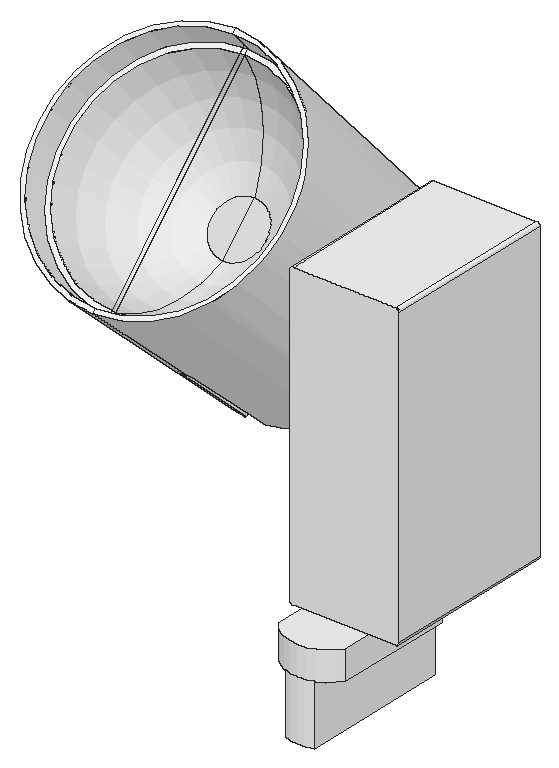
Revit family "0004868 Feilo Sylvania Lighting Fixture START TRACK SPOT L 55W 3K RA90 NB WHITE", category Lighting Fixtures, host Face, Revit 2017
Family settings
  Host = Face
  Round Connector Dimension = Use Diameter
  Part Type = Normal
  OmniClass Number = 23.80.70.00
  OmniClass Title = Lighting
  Cut with Voids When Loaded = No
  Light Source = No
  Shared = No
  Room Calculation Point = No
Parameters (values of type "0004868 START TRACK SPOT L 55W 3K RA90 NB WHITE")
  Weight = "1.398 kg"
  Wattage Comments = ""
  WarrantyStartDate [instance] = "n/a"
  WarrantyGuarantorParts = "n/a"
  WarrantyDurationUnit = "n/a"
  WarrantyDurationParts = "n/a"
  WarrantyDescription = "n/a"
  Voltage = 230 V
  URL = "http://www.sylvania-lighting.com"
  TypeName = "START TRACK SPOT L 55W 3K RA90 NB WHITE"
  TypeHead_FEILO = Start Track Spot Head : 0004868 START TRACK SPOT L 55W 3K RA90 NB WHITE
  TypeBox_FEILO = Start Track Spot Box : Type Large White
  Type Image = <None>
  Type Comments = "n/a"
  VerticalRotation_FEILO [instance] = 0.00°
  SlideEndAngle_FEILO [instance] = VerticalRotation_FEILO + 180.00°  # 180.00°
  SerialNumber [instance] = "n/a"
  Material_3_FEILO = none
  PowerFactor = 0.96
  PowerConsumption = "55 W"
  NominalLength = 0 mm
  NominalHeight = 240 mm
  NominalDepth = 164 mm
  Name = "START TRACK SPOT L 55W 3K RA90 NB WHITE"
  ModelReference = Name  # "START TRACK SPOT L 55W 3K RA90 NB WHITE"
  ModelNumber = "0004868"
  Model = Name  # "START TRACK SPOT L 55W 3K RA90 NB WHITE"
  Material = "adc12 aluminium housing, polycarbonate diffuser"
  ManufacturerName = "Feilo Sylvania"
  Manufacturer = "Feilo Sylvania"
  LuminousEfficacy = "80 lm/W"
  LuminaireType = ""
  LightOutputRatio = "100"
  LampsType = Lamp  # "LED"
  LampNominalLuminous = "4416 lm"
  LampMacAdamStep = "3"
  LampColourTemperature = "3000 K"
  LampColourRenderingIndex = "90"
  Lamp = "LED"
  Keynote = "16500"
  InstallationDate [instance] = "n/a"
  InputVoltage = "230-240V~"
  InputNominalFrequency = "50/60 Hz"
  IngressProtection = "IP20"
  ImpactProtectionIndex = "IK02"
  IfcExportType = "IfcLightFixtureType"
  IfcExportAs = "IfcLightFixtureType"
  HorizontalRotation_FEILO [instance] = 45.00°
  ExpectedLife = 50000
  ElectricShockClassification = "Class II"
  DurationUnit = "hours"
  DocumentationLiterature = "http://www.sylvania-lighting.com/product/en-int/products/0004868"
  DimmingControlOptions = "Non dimmable"
  Material_2_FEILO = none
  Description = "Integrated LED spotlight, Textured White - RAL9016, compact and minimalist design, ideal for retail applications, die-cast aluminium body, passive cooling heatsink. Beam angle: 15°, color temperature: 3000K , total system power: 55W, total fixture output: 4416 lm, LOR: 100%, colour rendering: Ra: 90 typical, LED Chromaticity: 3 step MacAdam ellipse, lifetime: >50000 hours at L70B50, energy class: A++, A+, A, IR/UV free light source without heat radiation, operating voltage: 220-240V / 50-60Hz, drive current: 1400mA, electronic driver, non-dimmable, power factor: 0.96, electrical protection: Class II, Global Track 3 Phase adapter suitable for Global trac 3-circuit tracks, ingress protection rating: IP20, suitable for internal environment only, horizontal rotation: 355°, vertical tilt: 90°, dimensions: Ø113x164x240, weight: 1.398kg."
  Default Elevation = 1219.2 mm
  CreatedOn = "12/12/2017"
  CreatedBy = ""
  Cost = 0
  built-in parameter 1114216 [instance] = (empty or 0)
  ClassificationValue = "EF_70_80"
  ClassificationName = "Uniclass2015"
  Material_1_FEILO = Body-Sylvania-StartTrackSpot-White
  BarCode [instance] = "n/a"
  AssetType = "Fixed"
  AssetIdentifier [instance] = "n/a"
  Assembly Code = "D5020200"
  Apparent Load = 55 VA
  Material_4_FEILO = none
Reference planes
  plane 1 "Center (Front/Back)": y = 0
  plane 2: z = 0
  plane 3 "Center (Left/Right)": x = 0
  plane 4: x = 15
  plane 5: x = -15
  plane 6: y = 35
  plane 7: y = -35
  plane 8: z = 13
  plane 9: z = -27
  plane 10: x = 6.5
  plane 11: x = -6.5
  plane 12: y = 27
  plane 13: y = -27
  plane 14: y = 20
Forms (mm)
  Extrusion 1, solid, material "Body-Sylvania-StartTrackSpot-White" <- "Material_1_FEILO"
    sketch origin (0, 0, 0) x (1, 0, 0) y (0, 1, 0)
      loop
        line (-15, 27) -> (-15, -27)
        arc (-15, -27) -> (0, -35) -> (15, -27) r 18.062
        line (15, -27) -> (15, 27)
        arc (15, 27) -> (0, 35) -> (-15, 27) r 18.062
    from 0 to 13
  Extrusion 2, solid, material "Body-Sylvania-StartTrackSpot-White" <- "Material_1_FEILO"
    sketch origin (0, 0, 0) x (1, 0, 0) y (0, 1, 0)
      loop
        arc (6.5, 33.79) -> (0, 35) -> (-6.5, 33.79) r 18.062
        line (-6.5, 33.79) -> (-6.5, -33.79)
        arc (-6.5, -33.79) -> (0, -35) -> (6.5, -33.79) r 18.062
        line (6.5, -33.79) -> (6.5, 33.79)
    from 0 to -27
  Revolve 3, solid, not visible
    sketch origin (1524, 20, 1219.2) x (1, 0, 0) y (0, 0, 1)
      loop
        line (-1524, -1206.2) -> (-1524, -1191.285) -> (-1530.5, -1191.285) -> (-1530.5, -1206.2) -> (-1524, -1206.2)
      axis (-1524, -1191.285) -> (-1524, -1206.2)
    angle from 0 <- "VerticalRotation_FEILO" to 180 <- "SlideEndAngle_FEILO"
Cuts and joins
  joined: Extrusion 1, Extrusion 2
Dimensions and locks
  equal spacing: plane 10, plane 3 "Center (Left/Right)", plane 11
  equal spacing: plane 4, plane 3 "Center (Left/Right)", plane 5
  locked: plane 8 to plane 2 at 13
  locked: plane 8 to plane 9 at 40
  equal spacing: plane 13, plane 1 "Center (Front/Back)", plane 12
  locked: plane 12 to plane 6 at 8
  locked: plane 14 to plane 6 at 15
  locked: Revolve 3 sketch curve to plane 8 at 14.915
  aligned and locked: plane 2 to host face
  aligned and locked: level to host face
  aligned and locked: plane 5 to Extrusion 1 sketch curve  (x2)
  aligned and locked: plane 12 to Extrusion 1 sketch curve
  aligned and locked: plane 13 to Extrusion 1 sketch curve
  aligned and locked: plane 4 to Extrusion 1 sketch curve
  aligned and locked: Extrusion 1 to plane 8
  aligned and locked: Extrusion 1 to level
  aligned and locked: Extrusion 2 sketch curve to Extrusion 1  (x2)
  aligned and locked: Extrusion 2 sketch curve to plane 11
  aligned and locked: plane 10 to Extrusion 2 sketch curve
  aligned and locked: plane 9 to Extrusion 2
  aligned and locked: level to Extrusion 2
  aligned and locked: Revolve 3 sketch curve to plane 3 "Center (Left/Right)"  (x2)
  aligned and locked: plane 11 to Revolve 3 sketch curve
  aligned and locked: Revolve 3 sketch curve to plane 8
Automatic sketch dimensions
  host sketch curve to host sketch curve = 2438.4 mm  (x2)
  Extrusion 1 sketch curve to plane 3 "Center (Left/Right)" = 0 mm  (x2)
  Extrusion 1 sketch curve to plane 13 = 10.062 mm
  plane 12 to Extrusion 1 sketch curve = 10.062 mm
  Revolve 3 sketch curve to plane 3 "Center (Left/Right)" = 0 mm
  plane 9 to Revolve 3 sketch curve = 582.6 mm
  Revolve 3 sketch curve to Revolve 3 sketch curve = 2581.144 mm
Nested families
  nested 1: "Start Track Spot Head" at (-75.5, 20, 133) x (0, 0.7071, 0.7071) z (0, 0.7071, -0.7071), type <- "TypeHead_FEILO", type "0004868 START TRACK SPOT L 55W 3K RA90 NB WHITE"
    with built-in parameter 1114216 (empty or 0)
  nested 2: "Start Track Spot Box" at (8.5, 20, 85) x (-1, 0, 0) z (0, -1, 0), BoxStartAngle_FEILO <- "HorizontalRotation_FEILO", type <- "TypeBox_FEILO", type "Type Large White"
    with BoxStartAngle_FEILO 45.00°, BoxEndAngle_FEILO -135.00°
Connectors
  electrical at (0, 0, 0), driven by "Apparent Load", driven by "PowerFactor", driven by "Voltage"
    settings: index 1, voltage 230 V, apparent load 55 VA, apparent load phase1 0 VA, apparent load phase2 0 VA, apparent load phase3 0 VA, power factor 0.96, load classification "Lighting", number of poles 1, system type 30, power factor state 1, is connector primary yes, connector utility no, sub classification motor no, connector description ""
Definition of nested family "Start Track Spot Head"
  Parameters (values of type "0004811 START TRACK SPOT S 14W 3K RA80 NB WHITE")
    Wattage Comments = "n/a"
    Wattage = 14 W
    built-in parameter 1150110 = 1 (stored number, unit not read)
    URL = "http://www.feilosylvania.com"
    Type Image = (empty or 0)
    Type Comments = "n/a"
    built-in parameter 1114217 = 1 (stored number, unit not read)
    Tilt Angle = -90.00°
    built-in parameter 1150109 = 1 (stored number, unit not read)
    built-in parameter 1150134 = (empty or 0)
    built-in parameter 1150113 = 1 (stored number, unit not read)
    Photometric Web File = "0004811.ies"
    Material_3_FEILO = none
    Model = "START TRACK SPOT S 14W 3K RA80 NB WHITE"
    Manufacturer = "Feilo Sylvania"
    built-in parameter 1150105 = 123.66 (stored number, unit not read)
    Lumens = 1554 lm
    built-in parameter 1150115 = 1 (stored number, unit not read)
    built-in parameter 1150137 = (empty or 0)
    built-in parameter 1150139 = (empty or 0)
    built-in parameter 1150112 = 1 (stored number, unit not read)
    built-in parameter 1150114 = 1 (stored number, unit not read)
    Lamp = "LED"
    Keynote = "16500"
    Material_2_FEILO = none
    built-in parameter 1150132 = (empty or 0)
    built-in parameter 1150102 = (empty or 0)
    built-in parameter 1150107 = 3000 (stored number, unit not read)
    built-in parameter 1150138 = (empty or 0)
    built-in parameter 1150106 = 1.2366 (stored number, unit not read)
    HeadThickness_FEILO = if(HeadDiaOut_FEILO > 112 mm, 2 mm, 1.5 mm)  # 1.5 mm
    HeadRibOffset_FEILO = HeadHeight_FEILO / 28  # 4.179 mm
    HeadRibDepth_FEILO = HeadHeight_FEILO / 2.1  # 55.714 mm
    HeadRibCutWidth_FEILO = HeadDiaOut_FEILO / 12  # 7.167 mm
    HeadRibCutOffset_FEILO = HeadHeight_FEILO / 2.3  # 50.87 mm
    HeadReflectorRadius_FEILO = HeadDiaOut_FEILO / 1.7  # 50.588 mm
    HeadReflectorOffset_FEILO = HeadHeight_FEILO / 2.1  # 55.714 mm
    HeadLEDRadius_FEILO = HeadDiaOut_FEILO / 9  # 9.556 mm
    HeadHeight_FEILO = 117 mm
    HeadDraft_FEILO = 1 mm
    HeadDiffusorThickness_FEILO = 3 mm
    HeadDiffusorOffset_FEILO = HeadHeight_FEILO / 12.4  # 9.435 mm
    HeadDiaOut_FEILO = 86 mm
    HeadDiaIn_FEILO = HeadDiaOut_FEILO / 1.11  # 77.477 mm
    HeadAxisFromTop_FEILO = HeadHeight_FEILO / 1.687  # 69.354 mm
    Emit from Circle Diameter = HeadDiaIn_FEILO  # 77.477 mm
    Emit Shape Visible in Rendering = no
    built-in parameter 1150104 = 10.312 (stored number, unit not read)
    Dimming Lamp Color Temperature Shift = (empty or 0)
    Description = "Integrated LED spotlight, Textured White - RAL9016, compact and minimalist design, ideal for retail applications, die-cast aluminium body, passive cooling heatsink. Beam angle: 12°, color temperature: 3000K , total system power: 14W, total fixture output: 1551 lm, LOR: 100%, colour rendering: Ra: 80 typical, LED Chromaticity: 3 step MacAdam ellipse, lifetime: >50000 hours at L70B50, energy class: A++, A+, A, IR/UV free light source without heat radiation, operating voltage: 220-240V / 50-60Hz, drive current: 350mA, electronic driver, non-dimmable, power factor: 0.92, electrical protection: Class II, Global Track 3 Phase adapter suitable for Global trac 3-circuit tracks, ingress protection rating: IP20, suitable for internal environment only, horizontal rotation: 355°, vertical tilt: 90°, dimensions: Ø86x140x200, weight: 0.940kg."
    Default Elevation = 1219.2 mm
    Cost = 0
    Color Filter = 16777215
    built-in parameter 1114216 [instance] = (empty or 0)
    Material_1_FEILO = none
    built-in parameter 1114218 = 1 (stored number, unit not read)
    built-in parameter 1150133 = 10 (stored number, unit not read)
    Assembly Code = "D5020200"
    Apparent Load = 14 VA
    Material_4_FEILO = none
  Types (96, lengths in mm): name | Wattage | built-in parameter 1150134 | Photometric Web File | Model | built-in parameter 1150105 | Lumens | built-in parameter 1150107 | built-in parameter 1150106 | HeadThickness_FEILO | HeadRibOffset_FEILO | HeadRibDepth_FEILO | HeadRibCutWidth_FEILO | HeadRibCutOffset_FEILO | HeadReflectorRadius_FEILO | HeadReflectorOffset_FEILO | HeadLEDRadius_FEILO | HeadHeight_FEILO | HeadDiffusorOffset_FEILO | HeadDiaOut_FEILO | HeadDiaIn_FEILO | HeadAxisFromTop_FEILO | Emit from Circle Diameter | built-in parameter 1150104 | Description | Apparent Load
    0004906 START TRACK SPOT L 55W 4K RA90 WB BLACK | 55 W | 12 | "0004906.ies" | "START TRACK SPOT L 55W 4K RA90 WB BLACK" | 385.15 (stored number, unit not read) | 4840 lm | 4000 (stored number, unit not read) | 3.8515 (stored number, unit not read) | 2 | 4.429 | 59.048 | 9.417 | 53.913 | 66.471 | 59.048 | 12.556 | 124 | 10 | 113 | 101.802 | 73.503 | 101.802 | 8.1755 (stored number, unit not read) | "Integrated LED spotlight, Textured Black - RAL9005, compact and minimalist design, ideal for retail applications, die-cast aluminium body, passive cooling heatsink. Beam angle: 52°, color temperature: 4000K , total system power: 55W, total fixture output: 4824 lm, LOR: 100%, colour rendering: Ra: 90 typical, LED Chromaticity: 3 step MacAdam ellipse, lifetime: >50000 hours at L70B50, energy class: A++, A+, A, IR/UV free light source without heat radiation, operating voltage: 220-240V / 50-60Hz, drive current: 1400mA, electronic driver, non-dimmable, power factor: 0.96, electrical protection: Class II, Global Track 3 Phase adapter suitable for Global trac 3-circuit tracks, ingress protection rating: IP20, suitable for internal environment only, horizontal rotation: 355°, vertical tilt: 90°, dimensions: Ø113x164x240, weight: 1.398kg." | 55 VA
    0004905 START TRACK SPOT L 55W 4K RA90 MB BLACK | 55 W | 12 | "0004905.ies" | "START TRACK SPOT L 55W 4K RA90 MB BLACK" | 389.53 (stored number, unit not read) | 4895 lm | 4000 (stored number, unit not read) | 3.8953 (stored number, unit not read) | 2 | 4.429 | 59.048 | 9.417 | 53.913 | 66.471 | 59.048 | 12.556 | 124 | 10 | 113 | 101.802 | 73.503 | 101.802 | 8.2684 (stored number, unit not read) | "Integrated LED spotlight, Textured Black - RAL9005, compact and minimalist design, ideal for retail applications, die-cast aluminium body, passive cooling heatsink. Beam angle: 38°, color temperature: 4000K , total system power: 55W, total fixture output: 4897 lm, LOR: 100%, colour rendering: Ra: 90 typical, LED Chromaticity: 3 step MacAdam ellipse, lifetime: >50000 hours at L70B50, energy class: A++, A+, A, IR/UV free light source without heat radiation, operating voltage: 220-240V / 50-60Hz, drive current: 1400mA, electronic driver, non-dimmable, power factor: 0.96, electrical protection: Class II, Global Track 3 Phase adapter suitable for Global trac 3-circuit tracks, ingress protection rating: IP20, suitable for internal environment only, horizontal rotation: 355°, vertical tilt: 90°, dimensions: Ø113x164x240, weight: 1.398kg." | 55 VA
    0004904 START TRACK SPOT L 55W 4K RA90 NB BLACK | 55 W | 12 | "0004904.ies" | "START TRACK SPOT L 55W 4K RA90 NB BLACK" | 393.91 (stored number, unit not read) | 4950 lm | 4000 (stored number, unit not read) | 3.9391 (stored number, unit not read) | 2 | 4.429 | 59.048 | 9.417 | 53.913 | 66.471 | 59.048 | 12.556 | 124 | 10 | 113 | 101.802 | 73.503 | 101.802 | 8.3613 (stored number, unit not read) | "Integrated LED spotlight, Textured Black - RAL9005, compact and minimalist design, ideal for retail applications, die-cast aluminium body, passive cooling heatsink. Beam angle: 15°, color temperature: 4000K , total system power: 55W, total fixture output: 4965 lm, LOR: 100%, colour rendering: Ra: 90 typical, LED Chromaticity: 3 step MacAdam ellipse, lifetime: >50000 hours at L70B50, energy class: A++, A+, A, IR/UV free light source without heat radiation, operating voltage: 220-240V / 50-60Hz, drive current: 1400mA, electronic driver, non-dimmable, power factor: 0.96, electrical protection: Class II, Global Track 3 Phase adapter suitable for Global trac 3-circuit tracks, ingress protection rating: IP20, suitable for internal environment only, horizontal rotation: 355°, vertical tilt: 90°, dimensions: Ø113x164x240, weight: 1.398kg." | 55 VA
    0004903 START TRACK SPOT L 35W 4K RA90 WB BLACK | 35 W | 12 | "0004903.ies" | "START TRACK SPOT L 35W 4K RA90 WB BLACK" | 284.09 (stored number, unit not read) | 3570 lm | 4000 (stored number, unit not read) | 2.8409 (stored number, unit not read) | 2 | 4.429 | 59.048 | 9.417 | 53.913 | 66.471 | 59.048 | 12.556 | 124 | 10 | 113 | 101.802 | 73.503 | 101.802 | 9.4761 (stored number, unit not read) | "Integrated LED spotlight, Textured Black - RAL9005, compact and minimalist design, ideal for retail applications, die-cast aluminium body, passive cooling heatsink. Beam angle: 52°, color temperature: 4000K , total system power: 35W, total fixture output: 3562 lm, LOR: 100%, colour rendering: Ra: 90 typical, LED Chromaticity: 3 step MacAdam ellipse, lifetime: >50000 hours at L70B50, energy class: A++, A+, A, IR/UV free light source without heat radiation, operating voltage: 220-240V / 50-60Hz, drive current: 900mA, electronic driver, non-dimmable, power factor: 0.93, electrical protection: Class II, Global Track 3 Phase adapter suitable for Global trac 3-circuit tracks, ingress protection rating: IP20, suitable for internal environment only, horizontal rotation: 355°, vertical tilt: 90°, dimensions: Ø113x164x240, weight: 1.368kg." | 35 VA
    0004902 START TRACK SPOT L 35W 4K RA90 MB BLACK | 35 W | 12 | "0004902.ies" | "START TRACK SPOT L 35W 4K RA90 MB BLACK" | 286.88 (stored number, unit not read) | 3605 lm | 4000 (stored number, unit not read) | 2.8688 (stored number, unit not read) | 2 | 4.429 | 59.048 | 9.417 | 53.913 | 66.471 | 59.048 | 12.556 | 124 | 10 | 113 | 101.802 | 73.503 | 101.802 | 9.569 (stored number, unit not read) | "Integrated LED spotlight, Textured Black - RAL9005, compact and minimalist design, ideal for retail applications, die-cast aluminium body, passive cooling heatsink. Beam angle: 38°, color temperature: 4000K , total system power: 35W, total fixture output: 3616 lm, LOR: 100%, colour rendering: Ra: 90 typical, LED Chromaticity: 3 step MacAdam ellipse, lifetime: >50000 hours at L70B50, energy class: A++, A+, A, IR/UV free light source without heat radiation, operating voltage: 220-240V / 50-60Hz, drive current: 900mA, electronic driver, non-dimmable, power factor: 0.93, electrical protection: Class II, Global Track 3 Phase adapter suitable for Global trac 3-circuit tracks, ingress protection rating: IP20, suitable for internal environment only, horizontal rotation: 355°, vertical tilt: 90°, dimensions: Ø113x164x240, weight: 1.368kg." | 35 VA
    0004901 START TRACK SPOT L 35W 4K RA90 NB BLACK | 35 W | 12 | "0004901.ies" | "START TRACK SPOT L 35W 4K RA90 NB BLACK" | 286.88 (stored number, unit not read) | 3605 lm | 4000 (stored number, unit not read) | 2.8688 (stored number, unit not read) | 2 | 4.429 | 59.048 | 9.417 | 53.913 | 66.471 | 59.048 | 12.556 | 124 | 10 | 113 | 101.802 | 73.503 | 101.802 | 9.569 (stored number, unit not read) | "Integrated LED spotlight, Textured Black - RAL9005, compact and minimalist design, ideal for retail applications, die-cast aluminium body, passive cooling heatsink. Beam angle: 15°, color temperature: 4000K , total system power: 35W, total fixture output: 3593 lm, LOR: 100%, colour rendering: Ra: 90 typical, LED Chromaticity: 3 step MacAdam ellipse, lifetime: >50000 hours at L70B50, energy class: A++, A+, A, IR/UV free light source without heat radiation, operating voltage: 220-240V / 50-60Hz, drive current: 900mA, electronic driver, non-dimmable, power factor: 0.93, electrical protection: Class II, Global Track 3 Phase adapter suitable for Global trac 3-circuit tracks, ingress protection rating: IP20, suitable for internal environment only, horizontal rotation: 355°, vertical tilt: 90°, dimensions: Ø113x164x240, weight: 1.368kg." | 35 VA
    0004900 START TRACK SPOT S 24W 4K RA90 WB BLACK | 24 W | 12 | "0004900.ies" | "START TRACK SPOT S 24W 4K RA90 WB BLACK" | 166.16 (stored number, unit not read) | 2088 lm | 4000 (stored number, unit not read) | 1.6616 (stored number, unit not read) | 1.5 | 4.179 | 55.714 | 7.167 | 50.87 | 50.588 | 55.714 | 9.556 | 117 | 9.435 | 86 | 77.477 | 69.354 | 77.477 | 8.0826 (stored number, unit not read) | "Integrated LED spotlight, Textured Black - RAL9005, compact and minimalist design, ideal for retail applications, die-cast aluminium body, passive cooling heatsink. Beam angle: 64°, color temperature: 4000K , total system power: 24W, total fixture output: 2087 lm, LOR: 100%, colour rendering: Ra: 90 typical, LED Chromaticity: 3 step MacAdam ellipse, lifetime: >50000 hours at L70B50, energy class: A++, A+, A, IR/UV free light source without heat radiation, operating voltage: 220-240V / 50-60Hz, drive current: 600mA, electronic driver, non-dimmable, power factor: 0.95, electrical protection: Class II, Global Track 3 Phase adapter suitable for Global trac 3-circuit tracks, ingress protection rating: IP20, suitable for internal environment only, horizontal rotation: 355°, vertical tilt: 90°, dimensions: Ø86x140x200, weight: 0.966kg." | 24 VA
    0004899 START TRACK SPOT S 24W 4K RA90 MB BLACK | 24 W | 12 | "0004899.ies" | "START TRACK SPOT S 24W 4K RA90 MB BLACK" | 169.98 (stored number, unit not read) | 2136 lm | 4000 (stored number, unit not read) | 1.6998 (stored number, unit not read) | 1.5 | 4.179 | 55.714 | 7.167 | 50.87 | 50.588 | 55.714 | 9.556 | 117 | 9.435 | 86 | 77.477 | 69.354 | 77.477 | 8.2684 (stored number, unit not read) | "Integrated LED spotlight, Textured Black - RAL9005, compact and minimalist design, ideal for retail applications, die-cast aluminium body, passive cooling heatsink. Beam angle: 36°, color temperature: 4000K , total system power: 24W, total fixture output: 2141 lm, LOR: 100%, colour rendering: Ra: 90 typical, LED Chromaticity: 3 step MacAdam ellipse, lifetime: >50000 hours at L70B50, energy class: A++, A+, A, IR/UV free light source without heat radiation, operating voltage: 220-240V / 50-60Hz, drive current: 600mA, electronic driver, non-dimmable, power factor: 0.95, electrical protection: Class II, Global Track 3 Phase adapter suitable for Global trac 3-circuit tracks, ingress protection rating: IP20, suitable for internal environment only, horizontal rotation: 355°, vertical tilt: 90°, dimensions: Ø86x140x200, weight: 0.966kg." | 24 VA
    0004898 START TRACK SPOT S 24W 4K RA90 NB BLACK | 24 W | 12 | "0004898.ies" | "START TRACK SPOT S 24W 4K RA90 NB BLACK" | 171.89 (stored number, unit not read) | 2160 lm | 4000 (stored number, unit not read) | 1.7189 (stored number, unit not read) | 1.5 | 4.179 | 55.714 | 7.167 | 50.87 | 50.588 | 55.714 | 9.556 | 117 | 9.435 | 86 | 77.477 | 69.354 | 77.477 | 8.3613 (stored number, unit not read) | "Integrated LED spotlight, Textured Black - RAL9005, compact and minimalist design, ideal for retail applications, die-cast aluminium body, passive cooling heatsink. Beam angle: 12°, color temperature: 4000K , total system power: 24W, total fixture output: 2155 lm, LOR: 100%, colour rendering: Ra: 90 typical, LED Chromaticity: 3 step MacAdam ellipse, lifetime: >50000 hours at L70B50, energy class: A++, A+, A, IR/UV free light source without heat radiation, operating voltage: 220-240V / 50-60Hz, drive current: 600mA, electronic driver, non-dimmable, power factor: 0.95, electrical protection: Class II, Global Track 3 Phase adapter suitable for Global trac 3-circuit tracks, ingress protection rating: IP20, suitable for internal environment only, horizontal rotation: 355°, vertical tilt: 90°, dimensions: Ø86x140x200, weight: 0.966kg." | 24 VA
    0004897 START TRACK SPOT S 14W 4K RA90 WB BLACK | 14 W | 12 | "0004897.ies" | "START TRACK SPOT S 14W 4K RA90 WB BLACK" | 108.07 (stored number, unit not read) | 1358 lm | 4000 (stored number, unit not read) | 1.0807 (stored number, unit not read) | 1.5 | 4.179 | 55.714 | 7.167 | 50.87 | 50.588 | 55.714 | 9.556 | 117 | 9.435 | 86 | 77.477 | 69.354 | 77.477 | 9.0116 (stored number, unit not read) | "Integrated LED spotlight, Textured Black - RAL9005, compact and minimalist design, ideal for retail applications, die-cast aluminium body, passive cooling heatsink. Beam angle: 64°, color temperature: 4000K , total system power: 14W, total fixture output: 1352 lm, LOR: 100%, colour rendering: Ra: 90 typical, LED Chromaticity: 3 step MacAdam ellipse, lifetime: >50000 hours at L70B50, energy class: A++, A+, A, IR/UV free light source without heat radiation, operating voltage: 220-240V / 50-60Hz, drive current: 350mA, electronic driver, non-dimmable, power factor: 0.92, electrical protection: Class II, Global Track 3 Phase adapter suitable for Global trac 3-circuit tracks, ingress protection rating: IP20, suitable for internal environment only, horizontal rotation: 355°, vertical tilt: 90°, dimensions: Ø86x140x200, weight: 0.940kg." | 14 VA
    0004896 START TRACK SPOT S 14W 4K RA90 MB BLACK | 14 W | 12 | "0004896.ies" | "START TRACK SPOT S 14W 4K RA90 MB BLACK" | 108.07 (stored number, unit not read) | 1358 lm | 4000 (stored number, unit not read) | 1.0807 (stored number, unit not read) | 1.5 | 4.179 | 55.714 | 7.167 | 50.87 | 50.588 | 55.714 | 9.556 | 117 | 9.435 | 86 | 77.477 | 69.354 | 77.477 | 9.0116 (stored number, unit not read) | "Integrated LED spotlight, Textured Black - RAL9005, compact and minimalist design, ideal for retail applications, die-cast aluminium body, passive cooling heatsink. Beam angle: 36°, color temperature: 4000K , total system power: 14W, total fixture output: 1359 lm, LOR: 100%, colour rendering: Ra: 90 typical, LED Chromaticity: 3 step MacAdam ellipse, lifetime: >50000 hours at L70B50, energy class: A++, A+, A, IR/UV free light source without heat radiation, operating voltage: 220-240V / 50-60Hz, drive current: 350mA, electronic driver, non-dimmable, power factor: 0.92, electrical protection: Class II, Global Track 3 Phase adapter suitable for Global trac 3-circuit tracks, ingress protection rating: IP20, suitable for internal environment only, horizontal rotation: 355°, vertical tilt: 90°, dimensions: Ø86x140x200, weight: 0.940kg." | 14 VA
    0004895 START TRACK SPOT S 14W 4K RA90 NB BLACK | 14 W | 12 | "0004895.ies" | "START TRACK SPOT S 14W 4K RA90 NB BLACK" | 106.95 (stored number, unit not read) | 1344 lm | 4000 (stored number, unit not read) | 1.0695 (stored number, unit not read) | 1.5 | 4.179 | 55.714 | 7.167 | 50.87 | 50.588 | 55.714 | 9.556 | 117 | 9.435 | 86 | 77.477 | 69.354 | 77.477 | 8.9187 (stored number, unit not read) | "Integrated LED spotlight, Textured Black - RAL9005, compact and minimalist design, ideal for retail applications, die-cast aluminium body, passive cooling heatsink. Beam angle: 12°, color temperature: 4000K , total system power: 14W, total fixture output: 1349 lm, LOR: 100%, colour rendering: Ra: 90 typical, LED Chromaticity: 3 step MacAdam ellipse, lifetime: >50000 hours at L70B50, energy class: A++, A+, A, IR/UV free light source without heat radiation, operating voltage: 220-240V / 50-60Hz, drive current: 350mA, electronic driver, non-dimmable, power factor: 0.92, electrical protection: Class II, Global Track 3 Phase adapter suitable for Global trac 3-circuit tracks, ingress protection rating: IP20, suitable for internal environment only, horizontal rotation: 355°, vertical tilt: 90°, dimensions: Ø86x140x200, weight: 0.940kg." | 14 VA
    0004894 START TRACK SPOT L 55W 3K RA90 WB BLACK | 55 W | (empty or 0) | "0004894.ies" | "START TRACK SPOT L 55W 3K RA90 WB BLACK" | 350.14 (stored number, unit not read) | 4400 lm | 3000 (stored number, unit not read) | 3.5014 (stored number, unit not read) | 2 | 4.429 | 59.048 | 9.417 | 53.913 | 66.471 | 59.048 | 12.556 | 124 | 10 | 113 | 101.802 | 73.503 | 101.802 | 7.4322 (stored number, unit not read) | "Integrated LED spotlight, Textured Black - RAL9005, compact and minimalist design, ideal for retail applications, die-cast aluminium body, passive cooling heatsink. Beam angle: 52°, color temperature: 3000K , total system power: 55W, total fixture output: 4405 lm, LOR: 100%, colour rendering: Ra: 90 typical, LED Chromaticity: 3 step MacAdam ellipse, lifetime: >50000 hours at L70B50, energy class: A++, A+, A, IR/UV free light source without heat radiation, operating voltage: 220-240V / 50-60Hz, drive current: 1400mA, electronic driver, non-dimmable, power factor: 0.96, electrical protection: Class II, Global Track 3 Phase adapter suitable for Global trac 3-circuit tracks, ingress protection rating: IP20, suitable for internal environment only, horizontal rotation: 355°, vertical tilt: 90°, dimensions: Ø113x164x240, weight: 1.398kg." | 55 VA
    0004893 START TRACK SPOT L 55W 3K RA90 MB BLACK | 55 W | (empty or 0) | "0004893.ies" | "START TRACK SPOT L 55W 3K RA90 MB BLACK" | 354.52 (stored number, unit not read) | 4455 lm | 3000 (stored number, unit not read) | 3.5452 (stored number, unit not read) | 2 | 4.429 | 59.048 | 9.417 | 53.913 | 66.471 | 59.048 | 12.556 | 124 | 10 | 113 | 101.802 | 73.503 | 101.802 | 7.5251 (stored number, unit not read) | "Integrated LED spotlight, Textured Black - RAL9005, compact and minimalist design, ideal for retail applications, die-cast aluminium body, passive cooling heatsink. Beam angle: 38°, color temperature: 3000K , total system power: 55W, total fixture output: 4448 lm, LOR: 100%, colour rendering: Ra: 90 typical, LED Chromaticity: 3 step MacAdam ellipse, lifetime: >50000 hours at L70B50, energy class: A++, A+, A, IR/UV free light source without heat radiation, operating voltage: 220-240V / 50-60Hz, drive current: 1400mA, electronic driver, non-dimmable, power factor: 0.96, electrical protection: Class II, Global Track 3 Phase adapter suitable for Global trac 3-circuit tracks, ingress protection rating: IP20, suitable for internal environment only, horizontal rotation: 355°, vertical tilt: 90°, dimensions: Ø113x164x240, weight: 1.398kg." | 55 VA
    0004892 START TRACK SPOT L 55W 3K RA90 NB BLACK | 55 W | (empty or 0) | "0004892.ies" | "START TRACK SPOT L 55W 3K RA90 NB BLACK" | 350.14 (stored number, unit not read) | 4400 lm | 3000 (stored number, unit not read) | 3.5014 (stored number, unit not read) | 2 | 4.429 | 59.048 | 9.417 | 53.913 | 66.471 | 59.048 | 12.556 | 124 | 10 | 113 | 101.802 | 73.503 | 101.802 | 7.4322 (stored number, unit not read) | "Integrated LED spotlight, Textured Black - RAL9005, compact and minimalist design, ideal for retail applications, die-cast aluminium body, passive cooling heatsink. Beam angle: 15°, color temperature: 3000K , total system power: 55W, total fixture output: 4416 lm, LOR: 100%, colour rendering: Ra: 90 typical, LED Chromaticity: 3 step MacAdam ellipse, lifetime: >50000 hours at L70B50, energy class: A++, A+, A, IR/UV free light source without heat radiation, operating voltage: 220-240V / 50-60Hz, drive current: 1400mA, electronic driver, non-dimmable, power factor: 0.96, electrical protection: Class II, Global Track 3 Phase adapter suitable for Global trac 3-circuit tracks, ingress protection rating: IP20, suitable for internal environment only, horizontal rotation: 355°, vertical tilt: 90°, dimensions: Ø113x164x240, weight: 1.398kg." | 55 VA
    0004891 START TRACK SPOT L 35W 3K RA90 WB BLACK | 35 W | (empty or 0) | "0004891.ies" | "START TRACK SPOT L 35W 3K RA90 WB BLACK" | 259.02 (stored number, unit not read) | 3255 lm | 3000 (stored number, unit not read) | 2.5902 (stored number, unit not read) | 2 | 4.429 | 59.048 | 9.417 | 53.913 | 66.471 | 59.048 | 12.556 | 124 | 10 | 113 | 101.802 | 73.503 | 101.802 | 8.64 (stored number, unit not read) | "Integrated LED spotlight, Textured Black - RAL9005, compact and minimalist design, ideal for retail applications, die-cast aluminium body, passive cooling heatsink. Beam angle: 52°, color temperature: 3000K , total system power: 35W, total fixture output: 3260 lm, LOR: 100%, colour rendering: Ra: 90 typical, LED Chromaticity: 3 step MacAdam ellipse, lifetime: >50000 hours at L70B50, energy class: A++, A+, A, IR/UV free light source without heat radiation, operating voltage: 220-240V / 50-60Hz, drive current: 900mA, electronic driver, non-dimmable, power factor: 0.93, electrical protection: Class II, Global Track 3 Phase adapter suitable for Global trac 3-circuit tracks, ingress protection rating: IP20, suitable for internal environment only, horizontal rotation: 355°, vertical tilt: 90°, dimensions: Ø113x164x240, weight: 1.368kg." | 35 VA
    0004890 START TRACK SPOT L 35W 3K RA90 MB BLACK | 35 W | (empty or 0) | "0004890.ies" | "START TRACK SPOT L 35W 3K RA90 MB BLACK" | 261.81 (stored number, unit not read) | 3290 lm | 3000 (stored number, unit not read) | 2.6181 (stored number, unit not read) | 2 | 4.429 | 59.048 | 9.417 | 53.913 | 66.471 | 59.048 | 12.556 | 124 | 10 | 113 | 101.802 | 73.503 | 101.802 | 8.7329 (stored number, unit not read) | "Integrated LED spotlight, Textured Black - RAL9005, compact and minimalist design, ideal for retail applications, die-cast aluminium body, passive cooling heatsink. Beam angle: 38°, color temperature: 3000K , total system power: 35W, total fixture output: 3306 lm, LOR: 100%, colour rendering: Ra: 90 typical, LED Chromaticity: 3 step MacAdam ellipse, lifetime: >50000 hours at L70B50, energy class: A++, A+, A, IR/UV free light source without heat radiation, operating voltage: 220-240V / 50-60Hz, drive current: 900mA, electronic driver, non-dimmable, power factor: 0.93, electrical protection: Class II, Global Track 3 Phase adapter suitable for Global trac 3-circuit tracks, ingress protection rating: IP20, suitable for internal environment only, horizontal rotation: 355°, vertical tilt: 90°, dimensions: Ø113x164x240, weight: 1.368kg." | 35 VA
    0004889 START TRACK SPOT L 35W 3K RA90 NB BLACK | 35 W | (empty or 0) | "0004889.ies" | "START TRACK SPOT L 35W 3K RA90 NB BLACK" | 261.81 (stored number, unit not read) | 3290 lm | 3000 (stored number, unit not read) | 2.6181 (stored number, unit not read) | 2 | 4.429 | 59.048 | 9.417 | 53.913 | 66.471 | 59.048 | 12.556 | 124 | 10 | 113 | 101.802 | 73.503 | 101.802 | 8.7329 (stored number, unit not read) | "Integrated LED spotlight, Textured Black - RAL9005, compact and minimalist design, ideal for retail applications, die-cast aluminium body, passive cooling heatsink. Beam angle: 15°, color temperature: 3000K , total system power: 35W, total fixture output: 3287 lm, LOR: 100%, colour rendering: Ra: 90 typical, LED Chromaticity: 3 step MacAdam ellipse, lifetime: >50000 hours at L70B50, energy class: A++, A+, A, IR/UV free light source without heat radiation, operating voltage: 220-240V / 50-60Hz, drive current: 900mA, electronic driver, non-dimmable, power factor: 0.93, electrical protection: Class II, Global Track 3 Phase adapter suitable for Global trac 3-circuit tracks, ingress protection rating: IP20, suitable for internal environment only, horizontal rotation: 355°, vertical tilt: 90°, dimensions: Ø113x164x240, weight: 1.368kg." | 35 VA
    0004888 START TRACK SPOT S 24W 3K RA90 WB BLACK | 24 W | (empty or 0) | "0004888.ies" | "START TRACK SPOT S 24W 3K RA90 WB BLACK" | 152.79 (stored number, unit not read) | 1920 lm | 3000 (stored number, unit not read) | 1.5279 (stored number, unit not read) | 1.5 | 4.179 | 55.714 | 7.167 | 50.87 | 50.588 | 55.714 | 9.556 | 117 | 9.435 | 86 | 77.477 | 69.354 | 77.477 | 7.4322 (stored number, unit not read) | "Integrated LED spotlight, Textured Black - RAL9005, compact and minimalist design, ideal for retail applications, die-cast aluminium body, passive cooling heatsink. Beam angle: 64°, color temperature: 3000K , total system power: 24W, total fixture output: 1928 lm, LOR: 100%, colour rendering: Ra: 90 typical, LED Chromaticity: 3 step MacAdam ellipse, lifetime: >50000 hours at L70B50, energy class: A++, A+, A, IR/UV free light source without heat radiation, operating voltage: 220-240V / 50-60Hz, drive current: 600mA, electronic driver, non-dimmable, power factor: 0.95, electrical protection: Class II, Global Track 3 Phase adapter suitable for Global trac 3-circuit tracks, ingress protection rating: IP20, suitable for internal environment only, horizontal rotation: 355°, vertical tilt: 90°, dimensions: Ø86x140x200, weight: 0.966kg." | 24 VA
    0004887 START TRACK SPOT S 24W 3K RA90 MB BLACK | 24 W | (empty or 0) | "0004887.ies" | "START TRACK SPOT S 24W 3K RA90 MB BLACK" | 154.7 (stored number, unit not read) | 1944 lm | 3000 (stored number, unit not read) | 1.547 (stored number, unit not read) | 1.5 | 4.179 | 55.714 | 7.167 | 50.87 | 50.588 | 55.714 | 9.556 | 117 | 9.435 | 86 | 77.477 | 69.354 | 77.477 | 7.5251 (stored number, unit not read) | "Integrated LED spotlight, Textured Black - RAL9005, compact and minimalist design, ideal for retail applications, die-cast aluminium body, passive cooling heatsink. Beam angle: 36°, color temperature: 3000K , total system power: 24W, total fixture output: 1944 lm, LOR: 100%, colour rendering: Ra: 90 typical, LED Chromaticity: 3 step MacAdam ellipse, lifetime: >50000 hours at L70B50, energy class: A++, A+, A, IR/UV free light source without heat radiation, operating voltage: 220-240V / 50-60Hz, drive current: 600mA, electronic driver, non-dimmable, power factor: 0.95, electrical protection: Class II, Global Track 3 Phase adapter suitable for Global trac 3-circuit tracks, ingress protection rating: IP20, suitable for internal environment only, horizontal rotation: 355°, vertical tilt: 90°, dimensions: Ø86x140x200, weight: 0.966kg." | 24 VA
    0004886 START TRACK SPOT S 24W 3K RA90 NB BLACK | 24 W | (empty or 0) | "0004886.ies" | "START TRACK SPOT S 24W 3K RA90 NB BLACK" | 158.52 (stored number, unit not read) | 1992 lm | 3000 (stored number, unit not read) | 1.5852 (stored number, unit not read) | 1.5 | 4.179 | 55.714 | 7.167 | 50.87 | 50.588 | 55.714 | 9.556 | 117 | 9.435 | 86 | 77.477 | 69.354 | 77.477 | 7.711 (stored number, unit not read) | "Integrated LED spotlight, Textured Black - RAL9005, compact and minimalist design, ideal for retail applications, die-cast aluminium body, passive cooling heatsink. Beam angle: 12°, color temperature: 3000K , total system power: 24W, total fixture output: 1987 lm, LOR: 100%, colour rendering: Ra: 90 typical, LED Chromaticity: 3 step MacAdam ellipse, lifetime: >50000 hours at L70B50, energy class: A++, A+, A, IR/UV free light source without heat radiation, operating voltage: 220-240V / 50-60Hz, drive current: 600mA, electronic driver, non-dimmable, power factor: 0.95, electrical protection: Class II, Global Track 3 Phase adapter suitable for Global trac 3-circuit tracks, ingress protection rating: IP20, suitable for internal environment only, horizontal rotation: 355°, vertical tilt: 90°, dimensions: Ø86x140x200, weight: 0.966kg." | 24 VA
    0004885 START TRACK SPOT S 14W 3K RA90 WB BLACK | 14 W | (empty or 0) | "0004885.ies" | "START TRACK SPOT S 14W 3K RA90 WB BLACK" | 100.27 (stored number, unit not read) | 1260 lm | 3000 (stored number, unit not read) | 1.0027 (stored number, unit not read) | 1.5 | 4.179 | 55.714 | 7.167 | 50.87 | 50.588 | 55.714 | 9.556 | 117 | 9.435 | 86 | 77.477 | 69.354 | 77.477 | 8.3613 (stored number, unit not read) | "Integrated LED spotlight, Textured Black - RAL9005, compact and minimalist design, ideal for retail applications, die-cast aluminium body, passive cooling heatsink. Beam angle: 64°, color temperature: 3000K , total system power: 14W, total fixture output: 1262 lm, LOR: 100%, colour rendering: Ra: 90 typical, LED Chromaticity: 3 step MacAdam ellipse, lifetime: >50000 hours at L70B50, energy class: A++, A+, A, IR/UV free light source without heat radiation, operating voltage: 220-240V / 50-60Hz, drive current: 350mA, electronic driver, non-dimmable, power factor: 0.92, electrical protection: Class II, Global Track 3 Phase adapter suitable for Global trac 3-circuit tracks, ingress protection rating: IP20, suitable for internal environment only, horizontal rotation: 355°, vertical tilt: 90°, dimensions: Ø86x140x200, weight: 0.940kg." | 14 VA
    0004884 START TRACK SPOT S 14W 3K RA90 MB BLACK | 14 W | (empty or 0) | "0004884.ies" | "START TRACK SPOT S 14W 3K RA90 MB BLACK" | 100.27 (stored number, unit not read) | 1260 lm | 3000 (stored number, unit not read) | 1.0027 (stored number, unit not read) | 1.5 | 4.179 | 55.714 | 7.167 | 50.87 | 50.588 | 55.714 | 9.556 | 117 | 9.435 | 86 | 77.477 | 69.354 | 77.477 | 8.3613 (stored number, unit not read) | "Integrated LED spotlight, Textured Black - RAL9005, compact and minimalist design, ideal for retail applications, die-cast aluminium body, passive cooling heatsink. Beam angle: 36°, color temperature: 3000K , total system power: 14W, total fixture output: 1262 lm, LOR: 100%, colour rendering: Ra: 90 typical, LED Chromaticity: 3 step MacAdam ellipse, lifetime: >50000 hours at L70B50, energy class: A++, A+, A, IR/UV free light source without heat radiation, operating voltage: 220-240V / 50-60Hz, drive current: 350mA, electronic driver, non-dimmable, power factor: 0.92, electrical protection: Class II, Global Track 3 Phase adapter suitable for Global trac 3-circuit tracks, ingress protection rating: IP20, suitable for internal environment only, horizontal rotation: 355°, vertical tilt: 90°, dimensions: Ø86x140x200, weight: 0.940kg." | 14 VA
    0004883 START TRACK SPOT S 14W 3K RA90 NB BLACK | 14 W | (empty or 0) | "0004883.ies" | "START TRACK SPOT S 14W 3K RA90 NB BLACK" | 102.5 (stored number, unit not read) | 1288 lm | 3000 (stored number, unit not read) | 1.025 (stored number, unit not read) | 1.5 | 4.179 | 55.714 | 7.167 | 50.87 | 50.588 | 55.714 | 9.556 | 117 | 9.435 | 86 | 77.477 | 69.354 | 77.477 | 8.5471 (stored number, unit not read) | "Integrated LED spotlight, Textured Black - RAL9005, compact and minimalist design, ideal for retail applications, die-cast aluminium body, passive cooling heatsink. Beam angle: 12°, color temperature: 3000K , total system power: 14W, total fixture output: 1284 lm, LOR: 100%, colour rendering: Ra: 90 typical, LED Chromaticity: 3 step MacAdam ellipse, lifetime: >50000 hours at L70B50, energy class: A++, A+, A, IR/UV free light source without heat radiation, operating voltage: 220-240V / 50-60Hz, drive current: 350mA, electronic driver, non-dimmable, power factor: 0.92, electrical protection: Class II, Global Track 3 Phase adapter suitable for Global trac 3-circuit tracks, ingress protection rating: IP20, suitable for internal environment only, horizontal rotation: 355°, vertical tilt: 90°, dimensions: Ø86x140x200, weight: 0.940kg." | 14 VA
    0004882 START TRACK SPOT L 55W 4K RA90 WB WHITE | 55 W | 12 | "0004882.ies" | "START TRACK SPOT L 55W 4K RA90 WB WHITE" | 385.15 (stored number, unit not read) | 4840 lm | 4000 (stored number, unit not read) | 3.8515 (stored number, unit not read) | 2 | 4.429 | 59.048 | 9.417 | 53.913 | 66.471 | 59.048 | 12.556 | 124 | 10 | 113 | 101.802 | 73.503 | 101.802 | 8.1755 (stored number, unit not read) | "Integrated LED spotlight, Textured White - RAL9016, compact and minimalist design, ideal for retail applications, die-cast aluminium body, passive cooling heatsink. Beam angle: 52°, color temperature: 4000K , total system power: 55W, total fixture output: 4824 lm, LOR: 100%, colour rendering: Ra: 90 typical, LED Chromaticity: 3 step MacAdam ellipse, lifetime: >50000 hours at L70B50, energy class: A++, A+, A, IR/UV free light source without heat radiation, operating voltage: 220-240V / 50-60Hz, drive current: 1400mA, electronic driver, non-dimmable, power factor: 0.96, electrical protection: Class II, Global Track 3 Phase adapter suitable for Global trac 3-circuit tracks, ingress protection rating: IP20, suitable for internal environment only, horizontal rotation: 355°, vertical tilt: 90°, dimensions: Ø113x164x240, weight: 1.398kg." | 55 VA
    0004881 START TRACK SPOT L 55W 4K RA90 MB WHITE | 55 W | 12 | "0004881.ies" | "START TRACK SPOT L 55W 4K RA90 MB WHITE" | 389.53 (stored number, unit not read) | 4895 lm | 4000 (stored number, unit not read) | 3.8953 (stored number, unit not read) | 2 | 4.429 | 59.048 | 9.417 | 53.913 | 66.471 | 59.048 | 12.556 | 124 | 10 | 113 | 101.802 | 73.503 | 101.802 | 8.2684 (stored number, unit not read) | "Integrated LED spotlight, Textured White - RAL9016, compact and minimalist design, ideal for retail applications, die-cast aluminium body, passive cooling heatsink. Beam angle: 38°, color temperature: 4000K , total system power: 55W, total fixture output: 4897 lm, LOR: 100%, colour rendering: Ra: 90 typical, LED Chromaticity: 3 step MacAdam ellipse, lifetime: >50000 hours at L70B50, energy class: A++, A+, A, IR/UV free light source without heat radiation, operating voltage: 220-240V / 50-60Hz, drive current: 1400mA, electronic driver, non-dimmable, power factor: 0.96, electrical protection: Class II, Global Track 3 Phase adapter suitable for Global trac 3-circuit tracks, ingress protection rating: IP20, suitable for internal environment only, horizontal rotation: 355°, vertical tilt: 90°, dimensions: Ø113x164x240, weight: 1.398kg." | 55 VA
    0004880 START TRACK SPOT L 55W 4K RA90 NB WHITE | 55 W | 12 | "0004880.ies" | "START TRACK SPOT L 55W 4K RA90 NB WHITE" | 393.91 (stored number, unit not read) | 4950 lm | 4000 (stored number, unit not read) | 3.9391 (stored number, unit not read) | 2 | 4.429 | 59.048 | 9.417 | 53.913 | 66.471 | 59.048 | 12.556 | 124 | 10 | 113 | 101.802 | 73.503 | 101.802 | 8.3613 (stored number, unit not read) | "Integrated LED spotlight, Textured White - RAL9016, compact and minimalist design, ideal for retail applications, die-cast aluminium body, passive cooling heatsink. Beam angle: 15°, color temperature: 4000K , total system power: 55W, total fixture output: 4965 lm, LOR: 100%, colour rendering: Ra: 90 typical, LED Chromaticity: 3 step MacAdam ellipse, lifetime: >50000 hours at L70B50, energy class: A++, A+, A, IR/UV free light source without heat radiation, operating voltage: 220-240V / 50-60Hz, drive current: 1400mA, electronic driver, non-dimmable, power factor: 0.96, electrical protection: Class II, Global Track 3 Phase adapter suitable for Global trac 3-circuit tracks, ingress protection rating: IP20, suitable for internal environment only, horizontal rotation: 355°, vertical tilt: 90°, dimensions: Ø113x164x240, weight: 1.398kg." | 55 VA
    0004879 START TRACK SPOT L 35W 4K RA90 WB WHITE | 35 W | 12 | "0004879.ies" | "START TRACK SPOT L 35W 4K RA90 WB WHITE" | 284.09 (stored number, unit not read) | 3570 lm | 4000 (stored number, unit not read) | 2.8409 (stored number, unit not read) | 2 | 4.429 | 59.048 | 9.417 | 53.913 | 66.471 | 59.048 | 12.556 | 124 | 10 | 113 | 101.802 | 73.503 | 101.802 | 9.4761 (stored number, unit not read) | "Integrated LED spotlight, Textured White - RAL9016, compact and minimalist design, ideal for retail applications, die-cast aluminium body, passive cooling heatsink. Beam angle: 52°, color temperature: 4000K , total system power: 35W, total fixture output: 3562 lm, LOR: 100%, colour rendering: Ra: 90 typical, LED Chromaticity: 3 step MacAdam ellipse, lifetime: >50000 hours at L70B50, energy class: A++, A+, A, IR/UV free light source without heat radiation, operating voltage: 220-240V / 50-60Hz, drive current: 900mA, electronic driver, non-dimmable, power factor: 0.93, electrical protection: Class II, Global Track 3 Phase adapter suitable for Global trac 3-circuit tracks, ingress protection rating: IP20, suitable for internal environment only, horizontal rotation: 355°, vertical tilt: 90°, dimensions: Ø113x164x240, weight: 1.368kg." | 35 VA
    0004878 START TRACK SPOT L 35W 4K RA90 MB WHITE | 35 W | 12 | "0004878.ies" | "START TRACK SPOT L 35W 4K RA90 MB WHITE" | 286.88 (stored number, unit not read) | 3605 lm | 4000 (stored number, unit not read) | 2.8688 (stored number, unit not read) | 2 | 4.429 | 59.048 | 9.417 | 53.913 | 66.471 | 59.048 | 12.556 | 124 | 10 | 113 | 101.802 | 73.503 | 101.802 | 9.569 (stored number, unit not read) | "Integrated LED spotlight, Textured White - RAL9016, compact and minimalist design, ideal for retail applications, die-cast aluminium body, passive cooling heatsink. Beam angle: 38°, color temperature: 4000K , total system power: 35W, total fixture output: 3616 lm, LOR: 100%, colour rendering: Ra: 90 typical, LED Chromaticity: 3 step MacAdam ellipse, lifetime: >50000 hours at L70B50, energy class: A++, A+, A, IR/UV free light source without heat radiation, operating voltage: 220-240V / 50-60Hz, drive current: 900mA, electronic driver, non-dimmable, power factor: 0.93, electrical protection: Class II, Global Track 3 Phase adapter suitable for Global trac 3-circuit tracks, ingress protection rating: IP20, suitable for internal environment only, horizontal rotation: 355°, vertical tilt: 90°, dimensions: Ø113x164x240, weight: 1.368kg." | 35 VA
    0004877 START TRACK SPOT L 35W 4K RA90 NB WHITE | 35 W | 12 | "0004877.ies" | "START TRACK SPOT L 35W 4K RA90 NB WHITE" | 286.88 (stored number, unit not read) | 3605 lm | 4000 (stored number, unit not read) | 2.8688 (stored number, unit not read) | 2 | 4.429 | 59.048 | 9.417 | 53.913 | 66.471 | 59.048 | 12.556 | 124 | 10 | 113 | 101.802 | 73.503 | 101.802 | 9.569 (stored number, unit not read) | "Integrated LED spotlight, Textured White - RAL9016, compact and minimalist design, ideal for retail applications, die-cast aluminium body, passive cooling heatsink. Beam angle: 15°, color temperature: 4000K , total system power: 35W, total fixture output: 3593 lm, LOR: 100%, colour rendering: Ra: 90 typical, LED Chromaticity: 3 step MacAdam ellipse, lifetime: >50000 hours at L70B50, energy class: A++, A+, A, IR/UV free light source without heat radiation, operating voltage: 220-240V / 50-60Hz, drive current: 900mA, electronic driver, non-dimmable, power factor: 0.93, electrical protection: Class II, Global Track 3 Phase adapter suitable for Global trac 3-circuit tracks, ingress protection rating: IP20, suitable for internal environment only, horizontal rotation: 355°, vertical tilt: 90°, dimensions: Ø113x164x240, weight: 1.368kg." | 35 VA
    0004876 START TRACK SPOT S 24W 4K RA90 WB WHITE | 24 W | 12 | "0004876.ies" | "START TRACK SPOT S 24W 4K RA90 WB WHITE" | 166.16 (stored number, unit not read) | 2088 lm | 4000 (stored number, unit not read) | 1.6616 (stored number, unit not read) | 1.5 | 4.179 | 55.714 | 7.167 | 50.87 | 50.588 | 55.714 | 9.556 | 117 | 9.435 | 86 | 77.477 | 69.354 | 77.477 | 8.0826 (stored number, unit not read) | "Integrated LED spotlight, Textured White - RAL9016, compact and minimalist design, ideal for retail applications, die-cast aluminium body, passive cooling heatsink. Beam angle: 64°, color temperature: 4000K , total system power: 24W, total fixture output: 2087 lm, LOR: 100%, colour rendering: Ra: 90 typical, LED Chromaticity: 3 step MacAdam ellipse, lifetime: >50000 hours at L70B50, energy class: A++, A+, A, IR/UV free light source without heat radiation, operating voltage: 220-240V / 50-60Hz, drive current: 600mA, electronic driver, non-dimmable, power factor: 0.95, electrical protection: Class II, Global Track 3 Phase adapter suitable for Global trac 3-circuit tracks, ingress protection rating: IP20, suitable for internal environment only, horizontal rotation: 355°, vertical tilt: 90°, dimensions: Ø86x140x200, weight: 0.966kg." | 24 VA
    0004875 START TRACK SPOT S 24W 4K RA90 MB WHITE | 24 W | 12 | "0004875.ies" | "START TRACK SPOT S 24W 4K RA90 MB WHITE" | 169.98 (stored number, unit not read) | 2136 lm | 4000 (stored number, unit not read) | 1.6998 (stored number, unit not read) | 1.5 | 4.179 | 55.714 | 7.167 | 50.87 | 50.588 | 55.714 | 9.556 | 117 | 9.435 | 86 | 77.477 | 69.354 | 77.477 | 8.2684 (stored number, unit not read) | "Integrated LED spotlight, Textured White - RAL9016, compact and minimalist design, ideal for retail applications, die-cast aluminium body, passive cooling heatsink. Beam angle: 36°, color temperature: 4000K , total system power: 24W, total fixture output: 2141 lm, LOR: 100%, colour rendering: Ra: 90 typical, LED Chromaticity: 3 step MacAdam ellipse, lifetime: >50000 hours at L70B50, energy class: A++, A+, A, IR/UV free light source without heat radiation, operating voltage: 220-240V / 50-60Hz, drive current: 600mA, electronic driver, non-dimmable, power factor: 0.95, electrical protection: Class II, Global Track 3 Phase adapter suitable for Global trac 3-circuit tracks, ingress protection rating: IP20, suitable for internal environment only, horizontal rotation: 355°, vertical tilt: 90°, dimensions: Ø86x140x200, weight: 0.966kg." | 24 VA
    0004874 START TRACK SPOT S 24W 4K RA90 NB WHITE | 24 W | 12 | "0004874.ies" | "START TRACK SPOT S 24W 4K RA90 NB WHITE" | 171.89 (stored number, unit not read) | 2160 lm | 4000 (stored number, unit not read) | 1.7189 (stored number, unit not read) | 1.5 | 4.179 | 55.714 | 7.167 | 50.87 | 50.588 | 55.714 | 9.556 | 117 | 9.435 | 86 | 77.477 | 69.354 | 77.477 | 8.3613 (stored number, unit not read) | "Integrated LED spotlight, Textured White - RAL9016, compact and minimalist design, ideal for retail applications, die-cast aluminium body, passive cooling heatsink. Beam angle: 12°, color temperature: 4000K , total system power: 24W, total fixture output: 2155 lm, LOR: 100%, colour rendering: Ra: 90 typical, LED Chromaticity: 3 step MacAdam ellipse, lifetime: >50000 hours at L70B50, energy class: A++, A+, A, IR/UV free light source without heat radiation, operating voltage: 220-240V / 50-60Hz, drive current: 600mA, electronic driver, non-dimmable, power factor: 0.95, electrical protection: Class II, Global Track 3 Phase adapter suitable for Global trac 3-circuit tracks, ingress protection rating: IP20, suitable for internal environment only, horizontal rotation: 355°, vertical tilt: 90°, dimensions: Ø86x140x200, weight: 0.966kg." | 24 VA
    0004873 START TRACK SPOT S 14W 4K RA90 WB WHITE | 14 W | 12 | "0004873.ies" | "START TRACK SPOT S 14W 4K RA90 WB WHITE" | 108.07 (stored number, unit not read) | 1358 lm | 4000 (stored number, unit not read) | 1.0807 (stored number, unit not read) | 1.5 | 4.179 | 55.714 | 7.167 | 50.87 | 50.588 | 55.714 | 9.556 | 117 | 9.435 | 86 | 77.477 | 69.354 | 77.477 | 9.0116 (stored number, unit not read) | "Integrated LED spotlight, Textured White - RAL9016, compact and minimalist design, ideal for retail applications, die-cast aluminium body, passive cooling heatsink. Beam angle: 64°, color temperature: 4000K , total system power: 14W, total fixture output: 1352 lm, LOR: 100%, colour rendering: Ra: 90 typical, LED Chromaticity: 3 step MacAdam ellipse, lifetime: >50000 hours at L70B50, energy class: A++, A+, A, IR/UV free light source without heat radiation, operating voltage: 220-240V / 50-60Hz, drive current: 350mA, electronic driver, non-dimmable, power factor: 0.92, electrical protection: Class II, Global Track 3 Phase adapter suitable for Global trac 3-circuit tracks, ingress protection rating: IP20, suitable for internal environment only, horizontal rotation: 355°, vertical tilt: 90°, dimensions: Ø86x140x200, weight: 0.940kg." | 14 VA
    0004872 START TRACK SPOT S 14W 4K RA90 MB WHITE | 14 W | 12 | "0004872.ies" | "START TRACK SPOT S 14W 4K RA90 MB WHITE" | 108.07 (stored number, unit not read) | 1358 lm | 4000 (stored number, unit not read) | 1.0807 (stored number, unit not read) | 1.5 | 4.179 | 55.714 | 7.167 | 50.87 | 50.588 | 55.714 | 9.556 | 117 | 9.435 | 86 | 77.477 | 69.354 | 77.477 | 9.0116 (stored number, unit not read) | "Integrated LED spotlight, Textured White - RAL9016, compact and minimalist design, ideal for retail applications, die-cast aluminium body, passive cooling heatsink. Beam angle: 36°, color temperature: 4000K , total system power: 14W, total fixture output: 1359 lm, LOR: 100%, colour rendering: Ra: 90 typical, LED Chromaticity: 3 step MacAdam ellipse, lifetime: >50000 hours at L70B50, energy class: A++, A+, A, IR/UV free light source without heat radiation, operating voltage: 220-240V / 50-60Hz, drive current: 350mA, electronic driver, non-dimmable, power factor: 0.92, electrical protection: Class II, Global Track 3 Phase adapter suitable for Global trac 3-circuit tracks, ingress protection rating: IP20, suitable for internal environment only, horizontal rotation: 355°, vertical tilt: 90°, dimensions: Ø86x140x200, weight: 0.940kg." | 14 VA
    0004871 START TRACK SPOT S 14W 4K RA90 NB WHITE | 14 W | 12 | "0004871.ies" | "START TRACK SPOT S 14W 4K RA90 NB WHITE" | 106.95 (stored number, unit not read) | 1344 lm | 4000 (stored number, unit not read) | 1.0695 (stored number, unit not read) | 1.5 | 4.179 | 55.714 | 7.167 | 50.87 | 50.588 | 55.714 | 9.556 | 117 | 9.435 | 86 | 77.477 | 69.354 | 77.477 | 8.9187 (stored number, unit not read) | "Integrated LED spotlight, Textured White - RAL9016, compact and minimalist design, ideal for retail applications, die-cast aluminium body, passive cooling heatsink. Beam angle: 12°, color temperature: 4000K , total system power: 14W, total fixture output: 1349 lm, LOR: 100%, colour rendering: Ra: 90 typical, LED Chromaticity: 3 step MacAdam ellipse, lifetime: >50000 hours at L70B50, energy class: A++, A+, A, IR/UV free light source without heat radiation, operating voltage: 220-240V / 50-60Hz, drive current: 350mA, electronic driver, non-dimmable, power factor: 0.92, electrical protection: Class II, Global Track 3 Phase adapter suitable for Global trac 3-circuit tracks, ingress protection rating: IP20, suitable for internal environment only, horizontal rotation: 355°, vertical tilt: 90°, dimensions: Ø86x140x200, weight: 0.940kg." | 14 VA
    0004870 START TRACK SPOT L 55W 3K RA90 WB WHITE | 55 W | (empty or 0) | "0004870.ies" | "START TRACK SPOT L 55W 3K RA90 WB WHITE" | 350.14 (stored number, unit not read) | 4400 lm | 3000 (stored number, unit not read) | 3.5014 (stored number, unit not read) | 2 | 4.429 | 59.048 | 9.417 | 53.913 | 66.471 | 59.048 | 12.556 | 124 | 10 | 113 | 101.802 | 73.503 | 101.802 | 7.4322 (stored number, unit not read) | "Integrated LED spotlight, Textured White - RAL9016, compact and minimalist design, ideal for retail applications, die-cast aluminium body, passive cooling heatsink. Beam angle: 52°, color temperature: 3000K , total system power: 55W, total fixture output: 4405 lm, LOR: 100%, colour rendering: Ra: 90 typical, LED Chromaticity: 3 step MacAdam ellipse, lifetime: >50000 hours at L70B50, energy class: A++, A+, A, IR/UV free light source without heat radiation, operating voltage: 220-240V / 50-60Hz, drive current: 1400mA, electronic driver, non-dimmable, power factor: 0.96, electrical protection: Class II, Global Track 3 Phase adapter suitable for Global trac 3-circuit tracks, ingress protection rating: IP20, suitable for internal environment only, horizontal rotation: 355°, vertical tilt: 90°, dimensions: Ø113x164x240, weight: 1.398kg." | 55 VA
    0004869 START TRACK SPOT L 55W 3K RA90 MB WHITE | 55 W | (empty or 0) | "0004869.ies" | "START TRACK SPOT L 55W 3K RA90 MB WHITE" | 354.52 (stored number, unit not read) | 4455 lm | 3000 (stored number, unit not read) | 3.5452 (stored number, unit not read) | 2 | 4.429 | 59.048 | 9.417 | 53.913 | 66.471 | 59.048 | 12.556 | 124 | 10 | 113 | 101.802 | 73.503 | 101.802 | 7.5251 (stored number, unit not read) | "Integrated LED spotlight, Textured White - RAL9016, compact and minimalist design, ideal for retail applications, die-cast aluminium body, passive cooling heatsink. Beam angle: 38°, color temperature: 3000K , total system power: 55W, total fixture output: 4448 lm, LOR: 100%, colour rendering: Ra: 90 typical, LED Chromaticity: 3 step MacAdam ellipse, lifetime: >50000 hours at L70B50, energy class: A++, A+, A, IR/UV free light source without heat radiation, operating voltage: 220-240V / 50-60Hz, drive current: 1400mA, electronic driver, non-dimmable, power factor: 0.96, electrical protection: Class II, Global Track 3 Phase adapter suitable for Global trac 3-circuit tracks, ingress protection rating: IP20, suitable for internal environment only, horizontal rotation: 355°, vertical tilt: 90°, dimensions: Ø113x164x240, weight: 1.398kg." | 55 VA
    0004868 START TRACK SPOT L 55W 3K RA90 NB WHITE | 55 W | (empty or 0) | "0004868.ies" | "START TRACK SPOT L 55W 3K RA90 NB WHITE" | 350.14 (stored number, unit not read) | 4400 lm | 3000 (stored number, unit not read) | 3.5014 (stored number, unit not read) | 2 | 4.429 | 59.048 | 9.417 | 53.913 | 66.471 | 59.048 | 12.556 | 124 | 10 | 113 | 101.802 | 73.503 | 101.802 | 7.4322 (stored number, unit not read) | "Integrated LED spotlight, Textured White - RAL9016, compact and minimalist design, ideal for retail applications, die-cast aluminium body, passive cooling heatsink. Beam angle: 15°, color temperature: 3000K , total system power: 55W, total fixture output: 4416 lm, LOR: 100%, colour rendering: Ra: 90 typical, LED Chromaticity: 3 step MacAdam ellipse, lifetime: >50000 hours at L70B50, energy class: A++, A+, A, IR/UV free light source without heat radiation, operating voltage: 220-240V / 50-60Hz, drive current: 1400mA, electronic driver, non-dimmable, power factor: 0.96, electrical protection: Class II, Global Track 3 Phase adapter suitable for Global trac 3-circuit tracks, ingress protection rating: IP20, suitable for internal environment only, horizontal rotation: 355°, vertical tilt: 90°, dimensions: Ø113x164x240, weight: 1.398kg." | 55 VA
    0004867 START TRACK SPOT L 35W 3K RA90 WB WHITE | 35 W | (empty or 0) | "0004867.ies" | "START TRACK SPOT L 35W 3K RA90 WB WHITE" | 259.02 (stored number, unit not read) | 3255 lm | 3000 (stored number, unit not read) | 2.5902 (stored number, unit not read) | 2 | 4.429 | 59.048 | 9.417 | 53.913 | 66.471 | 59.048 | 12.556 | 124 | 10 | 113 | 101.802 | 73.503 | 101.802 | 8.64 (stored number, unit not read) | "Integrated LED spotlight, Textured White - RAL9016, compact and minimalist design, ideal for retail applications, die-cast aluminium body, passive cooling heatsink. Beam angle: 52°, color temperature: 3000K , total system power: 35W, total fixture output: 3260 lm, LOR: 100%, colour rendering: Ra: 90 typical, LED Chromaticity: 3 step MacAdam ellipse, lifetime: >50000 hours at L70B50, energy class: A++, A+, A, IR/UV free light source without heat radiation, operating voltage: 220-240V / 50-60Hz, drive current: 900mA, electronic driver, non-dimmable, power factor: 0.93, electrical protection: Class II, Global Track 3 Phase adapter suitable for Global trac 3-circuit tracks, ingress protection rating: IP20, suitable for internal environment only, horizontal rotation: 355°, vertical tilt: 90°, dimensions: Ø113x164x240, weight: 1.368kg." | 35 VA
    0004866 START TRACK SPOT L 35W 3K RA90 MB WHITE | 35 W | (empty or 0) | "0004866.ies" | "START TRACK SPOT L 35W 3K RA90 MB WHITE" | 261.81 (stored number, unit not read) | 3290 lm | 3000 (stored number, unit not read) | 2.6181 (stored number, unit not read) | 2 | 4.429 | 59.048 | 9.417 | 53.913 | 66.471 | 59.048 | 12.556 | 124 | 10 | 113 | 101.802 | 73.503 | 101.802 | 8.7329 (stored number, unit not read) | "Integrated LED spotlight, Textured White - RAL9016, compact and minimalist design, ideal for retail applications, die-cast aluminium body, passive cooling heatsink. Beam angle: 38°, color temperature: 3000K , total system power: 35W, total fixture output: 3306 lm, LOR: 100%, colour rendering: Ra: 90 typical, LED Chromaticity: 3 step MacAdam ellipse, lifetime: >50000 hours at L70B50, energy class: A++, A+, A, IR/UV free light source without heat radiation, operating voltage: 220-240V / 50-60Hz, drive current: 900mA, electronic driver, non-dimmable, power factor: 0.93, electrical protection: Class II, Global Track 3 Phase adapter suitable for Global trac 3-circuit tracks, ingress protection rating: IP20, suitable for internal environment only, horizontal rotation: 355°, vertical tilt: 90°, dimensions: Ø113x164x240, weight: 1.368kg." | 35 VA
    0004865 START TRACK SPOT L 35W 3K RA90 NB WHITE | 35 W | (empty or 0) | "0004865.ies" | "START TRACK SPOT L 35W 3K RA90 NB WHITE" | 261.81 (stored number, unit not read) | 3290 lm | 3000 (stored number, unit not read) | 2.6181 (stored number, unit not read) | 2 | 4.429 | 59.048 | 9.417 | 53.913 | 66.471 | 59.048 | 12.556 | 124 | 10 | 113 | 101.802 | 73.503 | 101.802 | 8.7329 (stored number, unit not read) | "Integrated LED spotlight, Textured White - RAL9016, compact and minimalist design, ideal for retail applications, die-cast aluminium body, passive cooling heatsink. Beam angle: 15°, color temperature: 3000K , total system power: 35W, total fixture output: 3287 lm, LOR: 100%, colour rendering: Ra: 90 typical, LED Chromaticity: 3 step MacAdam ellipse, lifetime: >50000 hours at L70B50, energy class: A++, A+, A, IR/UV free light source without heat radiation, operating voltage: 220-240V / 50-60Hz, drive current: 900mA, electronic driver, non-dimmable, power factor: 0.93, electrical protection: Class II, Global Track 3 Phase adapter suitable for Global trac 3-circuit tracks, ingress protection rating: IP20, suitable for internal environment only, horizontal rotation: 355°, vertical tilt: 90°, dimensions: Ø113x164x240, weight: 1.368kg." | 35 VA
